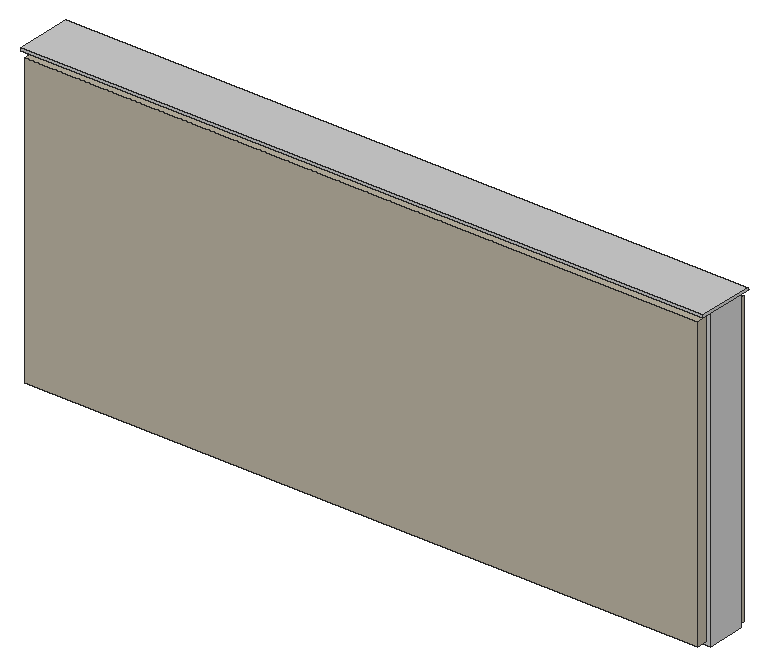
Revit family "Haworth_Compose_Panel_StackSolid", category Furniture Systems, Revit 2018
Family settings
  Round Connector Dimension = Use Diameter
  Part Type = Normal
  OmniClass Number = 23.40.70.14.64.21
  OmniClass Title = Systems Furniture
  Work Plane-Based = No
  Always vertical = Yes
  Cut with Voids When Loaded = No
  Shared = No
  Room Calculation Point = No
Parameters (values of type "36w")
  Width = 36"
  Warranty = "http://www.haworth.com/resources/product-info/warranties"
  Vertical Trim Width = 1/4"  # constant formula
  URL - Product = "http://www.haworth.com/products/workspaces/panel-based/compose"
  URL = "www.haworth.com"
  Trim Thin Profile = yes
  Trim Finish = Haworth _ Metal _ Brushed Aluminum
  Trim Depth = 3"  # constant formula
  Top Trim Width = if(Trim Thin Profile, 1/8", 1/4")  # 1/8"
  Top Trim Adjuster = if(Top Trim, Top Trim Width, 0")  # 1/8"
  Top Trim = yes
  Sustainability Info = "http://media.haworth.com/asset/2999/Compose%20PEDS.pdf"
  Size = "Verify Final Dim. w/ Haworth"  # constant formula
  Revision Number = "5"  # constant formula
  Panel Width = Actual Width  # 36"
  Panel Height = Actual Height - Top Trim Adjuster - 1/4"  # 15 1/2"
  Panel Depth = 1/2"  # constant formula
  Model = "VZFS"  # constant formula
  Min/Max Width = "18-60 in. @ 6 in. Increments"  # constant formula
  Min. Width = 18"  # constant formula
  Max. Width = 96"  # constant formula
  Min. Height = 16"  # constant formula
  Max. Height = 24"  # constant formula
  Manufacturer = "Haworth"  # constant formula
  Front Panel Finish = Haworth _ Fabric _ Striae _ Moonlight C1-AC
  End Trim Right [instance] = no
  Variable End Trim Right [instance] = no
  Variable End Trim Left [instance] = no
  Frame Width = 3/4"  # constant formula
  Frame Depth = Trim Depth - 1/4"  # 2 3/4"
  End Trim Left [instance] = no
  Description = "Haworth - Compose Panel Solid - Stack"  # constant formula
  Custom Size = not(or(Width = 18", Width = 24", Width = 30", Width = 36", Width = 42", Width = 48", Width = 54", Width = 60"))  # no
  Back Panel Finish = Haworth _ Fabric _ Striae _ Moonlight C1-AC
  Author = "SHAPE Environments, LLC"  # constant formula
  Assembly Code = "E2020500"
  Adjacent Panel Height Right [instance] = 8"
  Adjacent Panel Height Left [instance] = 8"
  Actual Width = if(Width < Min. Width, Min. Width, if(Width > Max. Width, Max. Width, Width))  # 36"
  Panel Offset [instance] = 42"
  Actual Height = if(not(Top Trim), 16" - 1/4", if(Trim Thin Profile, 16" - 1/8", 16"))  # 15 7/8"
  Actual End Trim Right Height [instance] = if(Actual Height - Adjacent Panel Height Right < 4", 4", if(Variable End Trim Right, Actual Height - Adjacent Panel Height Right, Actual Height))  # 15 7/8"
  Actual End Trim Left Height [instance] = if(Actual Height - Adjacent Panel Height Left < 4", 4", if(Variable End Trim Left, Actual Height - Adjacent Panel Height Left, Actual Height))  # 15 7/8"
Reference planes (in)
  plane 1 "Center F/B": y = 0
  plane 2: z = 0
  plane 3 "Center L/R": x = 0.09607
  plane 4 "Left": x = -17.90393
  plane 5 "Right": x = 18.09607
  plane 6 "Top Trim": z = 57.875
  plane 7 "Top Trim Inside": z = 57.75
  plane 8 "Front": y = -1.5
  plane 9 "Back": y = 1.5
  plane 10 "Panel Offset": z = 42
  plane 11 "Top": z = 57.875
  plane 12 "Top Panel": z = 57.5
Forms (in)
  Sweep 1, solid, material "Haworth _ Metal _ Brushed Aluminum" <- "Trim Finish", visible <- "Top Trim"
    path origin (0, 0, 0) x (1, 0, 0) y (0, 0, 1)
      loop
        line (-17.90393, 57.875) -> (18.09607, 57.875)
    profile "Haworth_Compose - Panel_Trim : Top" origin (0.09607, 0, 57.875) x (0, 0, 1) y (0, -1, 0)
      loop
        line (0, 1.5) -> (-0.125, 1.5) -> (-0.125, -1.5) -> (0, -1.5) -> (0, 1.5)
  Extrusion 2, solid, material "Haworth _ Metal _ Brushed Aluminum" <- "Trim Finish"
    sketch origin (-30.81447, -180, 42) x (-1, 0, 0) y (0, -1, 0)
      loop
        line (-12.91055, -181) -> (-12.91055, -179) -> (-48.91055, -179) -> (-48.91055, -181) -> (-12.91055, -181)
    from 0 to 15.75
Lines and regions (in)
  Masking region 1, visible <- "End Trim Right"
    outline origin (0, 0, 0) x (1, 0, 0) y (0, 1, 0)
      loop
        line (18.09607, 1.5) -> (18.09607, -1.5) -> (18.22107, -1.5) -> (18.22107, 1.5) -> (18.09607, 1.5)
  Masking region 2, visible <- "End Trim Left"
    outline origin (0, 0, 0) x (1, 0, 0) y (0, 1, 0)
      loop
        line (-18.02893, 1.5) -> (-18.02893, -1.5) -> (-17.90393, -1.5) -> (-17.90393, 1.5) -> (-18.02893, 1.5)
  Masking region 3
    outline origin (0, 0, 0) x (1, 0, 0) y (0, 1, 0)
      loop
        line (-17.90393, 1.5) -> (-17.90393, -1.5) -> (18.09607, -1.5) -> (18.09607, 1.5) -> (-17.90393, 1.5)
Dimensions and locks (in)
  equal spacing: plane 4 "Left", plane 3 "Center L/R", plane 5 "Right"
  "Actual Width": plane 4 "Left" to plane 5 "Right"
  "Actual Height": plane 11 "Top" to plane 10 "Panel Offset"
  "Top Trim Width": plane 6 "Top Trim" to plane 7 "Top Trim Inside"
  equal spacing: plane 9 "Back", plane 1 "Center F/B", plane 8 "Front"
  "Trim Depth": plane 9 "Back" to plane 8 "Front"
  "Panel Offset": plane 10 "Panel Offset" to plane 2
  locked: plane 7 "Top Trim Inside" to plane 12 "Top Panel" at 0.25
  "Top Trim Adjuster": plane 11 "Top" to plane 7 "Top Trim Inside"
  "Top Trim Width": Masking region 2 sketch curve to plane 4 "Left"
  "Top Trim Width": plane 5 "Right" to Masking region 1 sketch curve
  aligned and locked: Sweep 1 sketch curve to plane 6 "Top Trim"
  aligned and locked: plane 5 "Right" to Sweep 1 sketch curve
  aligned and locked: plane 4 "Left" to Sweep 1 sketch curve
  aligned and locked: plane 3 "Center L/R" to nested 1
  aligned: plane 9 "Back" to nested 2
  aligned and locked: nested 2 to plane 3 "Center L/R"
  aligned: plane 8 "Front" to nested 1
  aligned and locked: plane 8 "Front" to nested 1
  aligned and locked: plane 9 "Back" to nested 2
  aligned: nested 1 to plane 10 "Panel Offset"
  aligned and locked: plane 10 "Panel Offset" to nested 2
  aligned and locked: nested 2 to Extrusion 2 sketch curve
  aligned and locked: Extrusion 2 sketch curve to nested 1
  aligned and locked: plane 7 "Top Trim Inside" to Extrusion 2
  aligned and locked: plane 4 "Left" to nested 4
  aligned and locked: nested 4 to plane 1 "Center F/B"
  aligned and locked: plane 1 "Center F/B" to nested 3
  aligned and locked: nested 3 to plane 5 "Right"
  aligned: nested 4 to plane 10 "Panel Offset"
  aligned: nested 3 to plane 10 "Panel Offset"
  aligned and locked: plane 12 "Top Panel" to nested 1
  aligned and locked: plane 11 "Top" to nested 4
  aligned and locked: plane 11 "Top" to nested 3
  aligned and locked: Masking region 3 sketch curve to plane 5 "Right"
  aligned and locked: Masking region 3 sketch curve to plane 9 "Back"
  aligned and locked: plane 4 "Left" to Masking region 3 sketch curve
  aligned and locked: plane 8 "Front" to Masking region 3 sketch curve
Automatic sketch dimensions
  Masking region 1 sketch curve to plane 5 "Right" = 0"
  Masking region 1 sketch curve to plane 9 "Back" = 0"
  Masking region 2 sketch curve to plane 4 "Left" = 0"
  Masking region 2 sketch curve to plane 8 "Front" = 0"
  Masking region 2 sketch curve to plane 9 "Back" = 0"
  Masking region 1 sketch curve to plane 8 "Front" = 0"
  Extrusion 2 sketch curve to plane 9 "Back" = 1/2"
  plane 8 "Front" to Extrusion 2 sketch curve = 1/2"
Nested families (in)
  nested 1: "Haworth_Parts_Compose-Panel" at (-1.08413, -1.21976, 42), Panel Finish <- "Front Panel Finish", type "Stack Panel"
    with Panel Finish Haworth _ Fabric _ Striae _ Moonlight C1-AC
  nested 2: "Haworth_Parts_Compose-Panel" at (-1.08413, 1.21976, 41.875), Panel Finish <- "Back Panel Finish", type "Stack Panel"
    with Panel Finish Haworth _ Fabric _ Striae _ Moonlight C1-AC
  nested 3: "Haworth_Parts_Compose-End_Trim" at (15.22107, 0, 42), Actual Height <- "Actual End Trim Right Height", visible <- "End Trim Right", type "Trim"
    with Actual Height 15 7/8", Trim Width 1/8", Thin Profile yes
  nested 4: "Haworth_Parts_Compose-End_Trim" at (-15.02893, 0, 42) x (-1, 0, 0) z (0, 0, 1), visible <- "End Trim Left", Actual Height <- "Actual End Trim Left Height", type "Trim"
    with Actual Height 15 7/8", Trim Width 1/8", Thin Profile yes
Definition of nested family "Haworth_Parts_Compose-Panel"
  Parameters
    URL = "www.haworth.com"
    Revision Number = "1"  # constant formula
    Revision Date = ""
    Panel Width = 36"
    Panel Height = 15 1/2"
    Panel Finish [instance] = none
    Panel Depth = 1/2"
    Manufacturer = "Haworth"  # constant formula
    Author = "SHAPE Environments, LLC"  # constant formula
    Assembly Code = ""
  Reference planes (in)
    plane 1 "Center F/B": y = -0.03024
    plane 2: z = 0
    plane 3 "Center L/R": x = 1.1802
    plane 4 "Left": x = -16.8198
    plane 5 "Right": x = 19.1802
    plane 6 "Back": y = 0.21976
    plane 7 "Front": y = -0.28024
    plane 8 "Top": z = 15.5
    plane 9 "Panel Left": x = -16.5698
    plane 10 "Panel Right": x = 18.9302
    plane 11: z = 0.125
  Forms (in)
    Extrusion 1, solid, material <- "Panel Finish"
      sketch origin (0, -0.03024, 0) x (1, 0, 0) y (0, 0, 1)
        loop
          line (-16.5698, 15.5) -> (-16.5698, 0.125) -> (18.9302, 0.125) -> (18.9302, 15.5) -> (-16.5698, 15.5)
      from -0.25 to 0.25
  Dimensions and locks (in)
    "Panel Height": plane 8 "Top" to level
    equal spacing: plane 6 "Back", plane 1 "Center F/B", plane 7 "Front"
    "Panel Depth": plane 6 "Back" to plane 7 "Front"
    equal spacing: plane 4 "Left", plane 3 "Center L/R", plane 5 "Right"
    "Panel Width": plane 4 "Left" to plane 5 "Right"
    locked: plane 4 "Left" to plane 9 "Panel Left" at 0.25
    locked: plane 10 "Panel Right" to plane 5 "Right" at 0.25
    locked: plane 11 to level at 0.125
    aligned and locked: Extrusion 1 sketch curve to plane 8 "Top"
    aligned and locked: plane 6 "Back" to Extrusion 1
    aligned and locked: Extrusion 1 to plane 7 "Front"
    aligned and locked: plane 9 "Panel Left" to Extrusion 1 sketch curve
    aligned and locked: Extrusion 1 sketch curve to plane 10 "Panel Right"
    aligned and locked: plane 11 to Extrusion 1 sketch curve
Definition of nested family "Haworth_Parts_Compose-End_Trim"
  Parameters
    Warranty = ""
    URL - Product = ""
    URL = "www.haworth.com"
    Trim Width = if(Thin Profile, 1/8", 1/4")  # 1/4"
    Thin Profile = no
    Sustainability Info = ""
    Description = ""
    Size = "Verify Final Dim. w/ Haworth"  # constant formula
    Revision Number = "1"  # constant formula
    Material Options = ""
    Manufacturer = "Haworth"  # constant formula
    LEED Data = ""
    Trim Finish = none
    Author = "SHAPE Environments, LLC"  # constant formula
    Assembly Code = ""
    Actual Height [instance] = 42"
    Actual Depth = 3"  # constant formula
  Reference planes (in)
    plane 1 "Center F/B": y = 0
    plane 2: z = 0
    plane 3 "Back": y = 1.5
    plane 4 "Front": y = -1.5
    plane 5 "Right": x = 3
    plane 6 "Top": z = 42
    plane 7 "Left": x = 2.75
  Forms (in)
    Extrusion 1, solid, material <- "Trim Finish"
      sketch origin (-1.5, 0, 0) x (1, 0, 0) y (0, 1, 0)
        loop
          line (4.25, 1.5) -> (4.25, -1.5) -> (4.5, -1.5) -> (4.5, 1.5) -> (4.25, 1.5)
      from 0 to 42
  Dimensions and locks (in)
    equal spacing: plane 3 "Back", plane 1 "Center F/B", plane 4 "Front"
    "Actual Depth": plane 3 "Back" to plane 4 "Front"
    "Actual Height": plane 6 "Top" to level
    "Trim Width": plane 7 "Left" to plane 5 "Right"
    aligned and locked: Extrusion 1 sketch curve to plane 3 "Back"
    aligned and locked: plane 4 "Front" to Extrusion 1 sketch curve
    aligned: Extrusion 1 sketch curve to plane 5 "Right"
    aligned: plane 6 "Top" to Extrusion 1  (x4)
    aligned and locked: plane 5 "Right" to Extrusion 1
    aligned and locked: Extrusion 1 sketch curve to plane 7 "Left"
    aligned and locked: Extrusion 1 to plane 2
    aligned and locked: plane 6 "Top" to Extrusion 1
    aligned and locked: level to plane 2
Types in the file's own list only (8): name | Width | Panel Width | Custom Size | Actual Width
  18w | 18" | 18" | No | 18"
  24w | 24" | 24" | No | 24"
  30w | 30" | 30" | No | 30"
  42w | 42" | 42" | No | 42"
  48w | 48" | 48" | No | 48"
  54w | 54" | 54" | No | 54"
  60w | 60" | 60" | No | 60"
  66w | 66" | 66" | Yes | 66"
